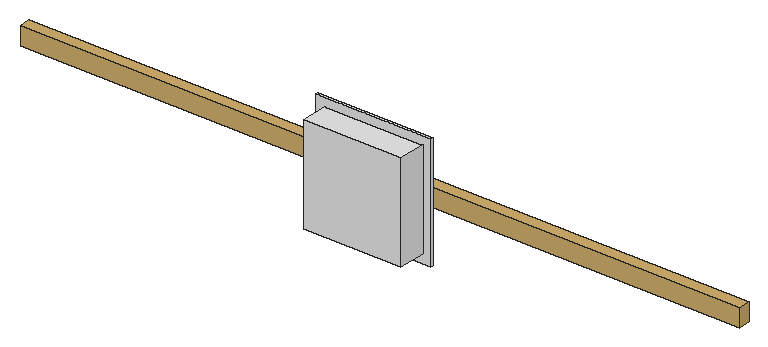
Revit family "3-54-xxxx - Zora Vanity", category Lighting Fixtures, host Wall, Revit 2018
Family settings
  Host = Wall
  Round Connector Dimension = Use Diameter
  Part Type = Normal
  OmniClass Number = 23.80.70.00
  OmniClass Title = Lighting
  Always vertical = Yes
  Cut with Voids When Loaded = No
  Light Source = Yes
  Shared = No
  Room Calculation Point = No
Parameters (values of type "3-54-650 / White - Industrial Brass")
  Wattage Comments = "1 x 18W at 120"  # constant formula
  Wattage = 9.2903 W
  built-in parameter 1150110 = 1 (stored number, unit not read)
  Voltage Input = "120 V or 277 V - 50/60 Hz"  # constant formula
  Voltage = 120 V
  URL = ""
  built-in parameter 1114217 = 1 (stored number, unit not read)
  built-in parameter 1150109 = 1 (stored number, unit not read)
  built-in parameter 1150134 = (empty or 0)
  built-in parameter 1150113 = 1 (stored number, unit not read)
  References = "Ref. 3 = 120 V / Ref. 37 = 277 V"  # constant formula
  Model = "3-54-xxxx / Zora Vanity"  # constant formula
  Metal Finish 2 = 6 - White
  Metal Finish 1 = 50 - Industrial Brass
  Manufacturer = "Oxygen - Lighting & Fans"  # constant formula
  Lumens = 1380 lm
  built-in parameter 1150115 = 1 (stored number, unit not read)
  built-in parameter 1150105 = 109.82 (stored number, unit not read)
  Light Source Symbol Size = 2 ft
  built-in parameter 1150137 = (empty or 0)
  built-in parameter 1150139 = (empty or 0)
  built-in parameter 1150112 = 1 (stored number, unit not read)
  built-in parameter 1150114 = 1 (stored number, unit not read)
  Lamp = "LED Array"  # constant formula
  built-in parameter 1150132 = 2
  built-in parameter 1150102 = (empty or 0)
  built-in parameter 1150138 = (empty or 0)
  built-in parameter 1150107 = 3000 (stored number, unit not read)
  built-in parameter 1150106 = 1.0982 (stored number, unit not read)
  built-in parameter 1150104 = 13.8 (stored number, unit not read)
  Dimming Lamp Color Temperature Shift = <None>
  Color Filter = 16777215
  built-in parameter 1114218 = 1 (stored number, unit not read)
  built-in parameter 1150133 = 10 (stored number, unit not read)
Types (2, lengths in ft): name | URL | Metal Finish 2
  3-54-650 / White - Industrial Brass | "" | 6 - White
  3-54-1550 / Black - Industrial Brass | "www.oxygenlighting.com" | 15 - Black
Reference planes (ft)
  plane 1: y = 0
  plane 2 "Light Source Axis (L/R)": x = 0.410105
  plane 3 "Light Source Axis (F/R)": y = 0.492126
  plane 4 "Light Source Elevation": z = 5.905512
  plane 5: y = 0.246063
  plane 6: y = 0.393391
Forms (ft)
  Extrusion 1, solid, material "6 - White" <- "Metal Finish 2"
    sketch origin (0, 0.492126, 0) x (1, 0, 0) y (0, 0, 1)
      loop
        line (0.62336, 6.118766) -> (0.19685, 6.118766) -> (0.19685, 5.692257) -> (0.62336, 5.692257) -> (0.62336, 6.118766)
    from 0.141386 to 0.147821
  Extrusion 2, solid, material "6 - White" <- "Metal Finish 2"
    sketch origin (0, 0.492126, 0) x (1, 0, 0) y (0, 0, 1)
      loop
        line (0.590551, 6.085958) -> (0.229659, 6.085958) -> (0.229659, 5.725066) -> (0.590551, 5.725066) -> (0.590551, 6.085958)
    from 0.147821 to 0.246063
  Revolve 3, solid, material "50 - Industrial Brass" <- "Metal Finish 1"
    sketch origin (0, 0, 5.905512) x (1, 0, 0) y (0, 1, 0)
      loop
        line (0.492126, 0.42948) -> (0.410105, 0.42948) -> (0.410105, 0.35074) -> (0.470486, 0.35074) -> (0.470486, 0.357301) -> (0.492126, 0.357301) -> (0.492126, 0.42948)
      axis (0.410105, 0.42948) -> (0.410105, 0.35074)
    angle from 0 to 360
  Extrusion 4, solid, material "50 - Industrial Brass" <- "Metal Finish 1"
    sketch origin (0.410105, 0, 0) x (0, 1, 0) y (0, 0, 1)
      loop
        line (0.413896, 5.93832) -> (0.372885, 5.93832) -> (0.372885, 5.872703) -> (0.413896, 5.872703) -> (0.413896, 5.93832)
    from -1.331756 to 1.331756
  Extrusion 5, void
    sketch origin (0.410105, 0.503465, 0.158285) x (0, 1, 0) y (0, 0, 1)
      loop
        line (-0.089569, 5.780035) -> (-0.13058, 5.780035) -> (-0.13058, 5.714418) -> (-0.089569, 5.714418) -> (-0.089569, 5.780035)
    from -0.180446 to 0.180446
Cuts and joins
  Extrusion 5 cuts Revolve 3
Text (ft)
  text "Placement side" at (-5.863317, 3.663974, 0), in view "Ref. Level"
  text "Placement side" at (0, 6.92387, 9.796778), in view "Left"
  text "Placement side" at (0, 2.061937, 9.881781), in view "Right"
Dimensions and locks (ft)
  equal spacing: Extrusion 1 sketch curve, plane 4 "Light Source Elevation", Extrusion 1 sketch curve
  locked: Extrusion 1 sketch curve to Extrusion 1 sketch curve at 0.426509  (x2)
  equal spacing: Extrusion 1 sketch curve, plane 2 "Light Source Axis (L/R)", Extrusion 1 sketch curve
  equal spacing: Extrusion 2 sketch curve, plane 2 "Light Source Axis (L/R)", Extrusion 2 sketch curve
  locked: Extrusion 2 sketch curve to Extrusion 2 sketch curve at 0.360892  (x2)
  equal spacing: Extrusion 2 sketch curve, plane 4 "Light Source Elevation", Extrusion 2 sketch curve
  locked: plane 5 to Extrusion 2 at 0.098242
  locked: Extrusion 1 to Extrusion 1 at 0.006434
  locked: Revolve 3 sketch curve to Extrusion 1 at 0.006562
  locked: Revolve 3 sketch curve to Revolve 3 sketch curve at 0.072178
  locked: Revolve 3 sketch curve to Revolve 3 sketch curve at 0.082021
  locked: Revolve 3 to plane 6 at 0.036089
  equal spacing: Extrusion 4, plane 2 "Light Source Axis (L/R)", Extrusion 4
  locked: Extrusion 4 to Extrusion 4 at 2.663511
  locked: Extrusion 4 sketch curve to Extrusion 4 sketch curve at 0.065617
  equal spacing: Extrusion 4 sketch curve, plane 4 "Light Source Elevation", Extrusion 4 sketch curve
  equal spacing: Extrusion 4 sketch curve, plane 6, Extrusion 4 sketch curve
  locked: Extrusion 4 sketch curve to Extrusion 4 sketch curve at 0.04101
  aligned and locked: plane 1 to host wall
  aligned and locked: plane 2 "Light Source Axis (L/R)" to imposter light
  aligned and locked: plane 3 "Light Source Axis (F/R)" to imposter light
  aligned and locked: plane 4 "Light Source Elevation" to imposter light
  aligned and locked: plane 5 to host wall
  aligned and locked: plane 5 to Extrusion 2
  aligned and locked: Extrusion 1 to Extrusion 2
  aligned and locked: Extrusion 1 to Revolve 3 sketch curve
  aligned and locked: Revolve 3 sketch curve to plane 2 "Light Source Axis (L/R)"  (x2)
  aligned and locked: Extrusion 2 to Extrusion 5  (x2)
  aligned and locked: Extrusion 5 sketch curve to Extrusion 4  (x4)
Automatic sketch dimensions
  Revolve 3 sketch curve to Revolve 3 sketch curve = 0.02164 ft
  host wall to Revolve 3 sketch curve = 1.474222 ft
  Revolve 3 sketch curve to plane 3 "Light Source Axis (F/R)" = 1.273395 ft
Connectors (ft)
  electrical at (0.410105, 0.246063, 5.905512), driven by "Voltage"
    settings: on Extrusion 2, index 1, voltage 120 V, apparent load 0 VA, apparent load phase1 0 VA, apparent load phase2 0 VA, apparent load phase3 0 VA, power factor 1, load classification "Other", number of poles 1, system type 31, power factor state 1, is connector primary yes, connector utility no, sub classification motor no, connector description ""
